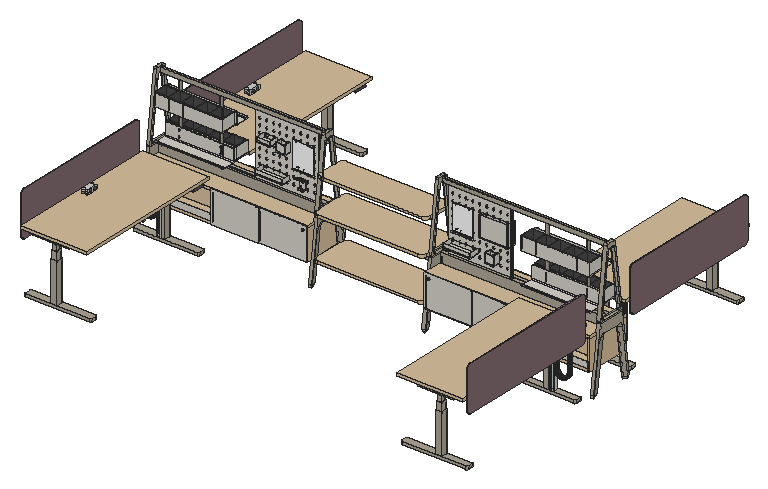
Revit family "Layout-Teknion-Expansion_Cityline_Upper_Structure_01-R2021", category Furniture Systems, Revit 2021 (continued)
Definition of nested family "Complement-Teknion-JNAPM_Metal_Screen_Accessories-R2021"
  Lines and regions (in)
    Masking region 4, visible <- "Notepad"
      outline origin (0, 0, 0) x (1, 0, 0) y (0, 1, 0)
        loop
          spline (2.73038, -0.88189) -> (2.76451, -0.8819) -> (2.79761, -0.8818) -> (2.82946, -0.88141) -> (2.85962, -0.88042) -> (2.88744, -0.87839) -> (2.91227, -0.87486) -> (2.93356, -0.86938) -> (2.951, -0.86156) -> (2.96437, -0.85113) -> (2.97357, -0.83801) -> (2.97893, -0.82234) -> (2.9805, -0.80409)
          line (2.9805, -0.80409) -> (2.9805, 0) -> (1.87519, 0) -> (1.87519, 0.14961) -> (1.12519, 0.14961) -> (1.12519, 0) -> (-1.12519, 0) -> (-1.12519, 0.14961) -> (-1.87519, 0.14961) -> (-1.87519, 0) -> (-2.9805, 0)
    Masking region 5, visible <- "Pen Holder"
      outline origin (0, 0, 0) x (1, 0, 0) y (0, 1, 0)
        loop
          line (-1.12519, 0.14961) -> (-1.87519, 0.14961) -> (-1.87519, -0.04724) -> (-1.85925, -0.07484) -> (-1.85925, -2.79134) -> (-1.98425, -2.79134) -> (-1.98425, -2.83858) -> (1.98425, -2.83858) -> (1.98425, -2.79134) -> (1.85925, -2.79134) -> (1.85925, -0.07484) -> (1.87519, -0.04724) -> (1.87519, 0.14961) -> (1.12519, 0.14961) -> (1.12519, 0) -> (-1.12519, 0) -> (-1.12519, 0.14961)
    symbolic lines, visible <- "Hook"
      curve 1: line (1.77829, -1.95276, 0) -> (-1.77829, -1.95276, 0)
      curve 2: spline (-1.81102, -1.90656, 0) -> (-1.8109, -1.91394, 0) -> (-1.81029, -1.92072, 0) -> (-1.8092, -1.92688, 0) -> (-1.80762, -1.93242, 0) -> (-1.80556, -1.93731, 0) -> (-1.80302, -1.94155, 0) -> (-1.80002, -1.94513, 0) -> (-1.79656, -1.94803, 0) -> (-1.79264, -1.95024, 0) -> (-1.78829, -1.95177, 0) -> (-1.7835, -1.95261, 0) -> (-1.77829, -1.95276, 0)
      curve 3: spline (1.77829, -1.95276, 0) -> (1.78366, -1.9525, 0) -> (1.78858, -1.95156, 0) -> (1.79305, -1.94996, 0) -> (1.79704, -1.94769, 0) -> (1.80054, -1.94476, 0) -> (1.80356, -1.94118, 0) -> (1.80608, -1.93695, 0) -> (1.80809, -1.93208, 0) -> (1.8096, -1.9266, 0) -> (1.81059, -1.92051, 0) -> (1.81107, -1.91382, 0) -> (1.81102, -1.90656, 0)
    symbolic lines, visible <- "Hook", detail levels medium+fine
      curve 4: line (-1.08538, -1.5, 0) -> (1.08538, -1.5, 0)
      curve 5: line (1.08538, -1.45276, 0) -> (-1.08538, -1.45276, 0)
      curve 6: spline (-1.08538, -1.5, 0) -> (-1.09072, -1.49976, 0) -> (-1.09561, -1.49894, 0) -> (-1.10004, -1.49753, 0) -> (-1.10401, -1.49553, 0) -> (-1.1075, -1.49296, 0) -> (-1.1105, -1.48981, 0) -> (-1.11302, -1.48609, 0) -> (-1.11504, -1.48181, 0) -> (-1.11657, -1.47698, 0) -> (-1.11759, -1.47161, 0) -> (-1.1181, -1.46571, 0) -> (-1.11811, -1.4593, 0)
      curve 7: spline (-1.11811, -1.40656, 0) -> (-1.11799, -1.41394, 0) -> (-1.11738, -1.42072, 0) -> (-1.11628, -1.42688, 0) -> (-1.1147, -1.43242, 0) -> (-1.11264, -1.43731, 0) -> (-1.11011, -1.44155, 0) -> (-1.10711, -1.44513, 0) -> (-1.10364, -1.44803, 0) -> (-1.09973, -1.45024, 0) -> (-1.09537, -1.45177, 0) -> (-1.09058, -1.45261, 0) -> (-1.08538, -1.45276, 0)
      curve 8: line (-1.11811, 0, 0) -> (-1.11811, -1.4593, 0)
      curve 9: spline (1.11811, -1.4593, 0) -> (1.11796, -1.46583, 0) -> (1.11732, -1.47182, 0) -> (1.11621, -1.47727, 0) -> (1.11462, -1.48215, 0) -> (1.11256, -1.48646, 0) -> (1.11002, -1.49019, 0) -> (1.10703, -1.49333, 0) -> (1.10358, -1.49587, 0) -> (1.09968, -1.49782, 0) -> (1.09534, -1.49915, 0) -> (1.09057, -1.49988, 0) -> (1.08538, -1.5, 0)
      curve 10: spline (1.08538, -1.45276, 0) -> (1.09075, -1.4525, 0) -> (1.09567, -1.45156, 0) -> (1.10013, -1.44996, 0) -> (1.10412, -1.44769, 0) -> (1.10763, -1.44476, 0) -> (1.11065, -1.44118, 0) -> (1.11317, -1.43695, 0) -> (1.11518, -1.43208, 0) -> (1.11669, -1.4266, 0) -> (1.11768, -1.42051, 0) -> (1.11815, -1.41382, 0) -> (1.11811, -1.40656, 0)
      curve 11: line (1.11811, 0, 0) -> (1.11811, -1.4593, 0)
      curve 12: line (-1.11811, -0.04724, 0) -> (1.11811, -0.04724, 0)
    symbolic lines, visible <- "Notepad"
      curve 13: line (-1.87519, 0.14961, 0) -> (-1.87519, -0.04724, 0)
      curve 14: line (-1.12519, -0.04724, 0) -> (-1.12519, 0.14961, 0)
      curve 15: line (1.12519, 0.14961, 0) -> (1.12519, -0.04724, 0)
      curve 16: line (1.87519, -0.04724, 0) -> (1.87519, 0.14961, 0)
      curve 17: line (2.73038, -0.83465, 0) -> (-2.73038, -0.83465, 0)
      curve 18: line (-2.9805, -0.74498, 0) -> (-2.73038, -0.83465, 0)
      curve 19: line (2.73038, -0.83465, 0) -> (2.9805, -0.74498, 0)
      curve 20: line (-2.9805, -0.04724, 0) -> (2.9805, -0.04724, 0)
    symbolic lines, visible <- "Notepad", detail levels medium+fine
      curve 21: line (2.9805, 0, 0) -> (-2.9805, 0, 0)
      curve 22: line (-1.67829, 0.11811, 0) -> (-1.3229, 0.11811, 0)
      curve 23: line (-1.67829, 0.11811, 0) -> (-1.67829, 0, 0)
      curve 24: line (1.3229, 0.11811, 0) -> (1.67829, 0.11811, 0)
      curve 25: line (-1.3229, 0.11811, 0) -> (-1.3229, 0, 0)
      curve 26: line (1.67829, 0.11811, 0) -> (1.67829, 0, 0)
      curve 27: line (1.3229, 0.11811, 0) -> (1.3229, 0, 0)
    symbolic lines, visible <- "Paper Organizer"
      curve 28: line (6.12598, -1.70472, 0) -> (-6.12598, -1.70472, 0)
      curve 29: line (-6.00098, 0, 0) -> (-6.00098, -1.70472, 0)
      curve 30: line (-5.95374, -1.70472, 0) -> (-5.95374, -0.04724, 0)
      curve 31: line (5.95374, -0.04724, 0) -> (5.95374, -1.70472, 0)
      curve 32: line (6.00098, -1.70472, 0) -> (6.00098, 0, 0)
      curve 33: line (-5.95374, -0.04724, 0) -> (5.95374, -0.04724, 0)
    symbolic lines, visible <- "Paper Organizer", detail levels medium+fine
      curve 34: line (6.00098, 0, 0) -> (-6.00098, 0, 0)
      curve 35: line (-1.67829, 0.11811, 0) -> (-1.3229, 0.11811, 0)
      curve 36: line (-1.67829, 0.11811, 0) -> (-1.67829, 0, 0)
      curve 37: line (-1.3229, 0.11811, 0) -> (-1.3229, 0, 0)
      curve 38: line (1.3229, 0.11811, 0) -> (1.3229, 0, 0)
      curve 39: line (1.67829, 0.11811, 0) -> (1.67829, 0, 0)
      curve 40: line (1.3229, 0.11811, 0) -> (1.67829, 0.11811, 0)
    symbolic lines, visible <- "Pen Holder"
      curve 41: line (-1.87519, 0.14961, 0) -> (-1.87519, -0.04724, 0)
      curve 42: line (-1.87519, -0.04724, 0) -> (-1.12519, -0.04724, 0)
      curve 43: line (-1.12519, -0.04724, 0) -> (-1.12519, 0.14961, 0)
      curve 44: line (1.12519, 0.14961, 0) -> (1.12519, -0.04724, 0)
      curve 45: line (1.12519, -0.04724, 0) -> (1.87519, -0.04724, 0)
      curve 46: line (1.87519, -0.04724, 0) -> (1.87519, 0.14961, 0)
      curve 47: line (1.81201, -0.04724, 0) -> (1.81201, -2.79134, 0)
      curve 48: line (1.85925, -2.79134, 0) -> (1.85925, -0.04724, 0)
      curve 49: line (-1.81201, -2.7732, 0) -> (1.81201, -2.7732, 0)
      curve 50: line (1.98425, -2.79134, 0) -> (-1.98425, -2.79134, 0)
      curve 51: line (-1.85925, -0.04724, 0) -> (-1.85925, -2.79134, 0)
      curve 52: line (-1.81201, -2.79134, 0) -> (-1.81201, -0.04724, 0)
      curve 60: line (-1.81201, -0.04724, 0) -> (1.81201, -0.04724, 0)
    symbolic lines, visible <- "Pen Holder", detail levels medium+fine
      curve 53: line (1.87519, 0, 0) -> (1.11811, 0, 0)
      curve 54: line (-1.67829, 0.11811, 0) -> (-1.3229, 0.11811, 0)
      curve 55: line (-1.67829, 0.11811, 0) -> (-1.67829, 0, 0)
      curve 56: line (-1.3229, 0.11811, 0) -> (-1.3229, 0, 0)
      curve 57: line (1.3229, 0.11811, 0) -> (1.3229, 0, 0)
      curve 58: line (1.67829, 0.11811, 0) -> (1.67829, 0, 0)
      curve 59: line (1.3229, 0.11811, 0) -> (1.67829, 0.11811, 0)
      curve 74: line (-1.12519, 0, 0) -> (-1.87519, 0, 0)
    symbolic lines, visible <- "Tray"
      curve 61: line (2.80826, -0.04724, 0) -> (-2.80826, -0.04724, 0)
      curve 62: line (-2.80826, -4.16297, 0) -> (-2.80826, -0.04724, 0)
      curve 63: line (-2.80826, -4.16297, 0) -> (2.80826, -4.16297, 0)
      curve 64: line (2.80826, -4.16297, 0) -> (2.80826, -0.04724, 0)
      curve 65: line (2.8555, -4.1811, 0) -> (2.8555, 0, 0)
      curve 66: line (-2.8555, 0, 0) -> (-2.8555, -4.1811, 0)
    symbolic lines, visible <- "Tray", detail levels medium+fine
      curve 67: line (2.9805, 0, 0) -> (-2.9805, 0, 0)
      curve 68: line (-1.67829, 0.11811, 0) -> (-1.67829, 0, 0)
      curve 69: line (-1.3229, 0.11811, 0) -> (-1.3229, 0, 0)
      curve 70: line (1.3229, 0, 0) -> (1.3229, 0.11811, 0)
      curve 71: line (1.67829, 0.11811, 0) -> (1.67829, 0, 0)
      curve 72: line (-1.67829, 0.11811, 0) -> (-1.3229, 0.11811, 0)
      curve 73: line (1.3229, 0.11811, 0) -> (1.67829, 0.11811, 0)
  Dimensions and locks (in)
    "Tray Size": plane 4 "Left" to plane 5 "Right"
    plane 6 "Back" to plane 7 "Front" = 4.37795"
    plane 8 "Top" to level = 49.0935"
    equal spacing: plane 6 "Back", plane 1 "Center Front/Back", plane 7 "Front"
    equal spacing: plane 4 "Left", plane 3 "Center Left/Right", plane 5 "Right"
    Sweep 1 sketch curve to Sweep 1 sketch curve to Sweep 1 sketch curve = 0.04724" locked, 4.1811" locked
    Sweep 1 sketch curve to Sweep 4 to Sweep 1 sketch curve = 0.04724" locked, 1.95472" locked
    locked: Sweep 2 sketch curve to plane 6 "Back" at 0.19685
    locked: Sweep 2 sketch curve to Sweep 2 sketch curve at 1.82972
    plane 4 "Left" to Sweep 5 sketch curve to Sweep 5 sketch curve = 1.10531" locked, 0.750" locked
    Sweep 5 sketch curve to Sweep 5 sketch curve to plane 5 "Right" = 0.750" locked, 1.10531" locked
    locked: Sweep 5 sketch curve to Sweep 5 sketch curve at 0.19685  (x2)
    plane 6 "Back" to Sweep 6 sketch curve to Sweep 6 sketch curve = 0.0315" locked, 0.11811" locked
    locked: Sweep 6 sketch curve to plane 5 "Right" at 1.65748
    locked: Sweep 6 sketch curve to plane 4 "Left" at 1.4799
    locked: plane 8 "Top" to Sweep 6 sketch curve at 0.35049  (x2)
    locked: Sweep 6 sketch curve to plane 5 "Right" at 1.4799
    locked: Sweep 2 sketch curve to Sweep 2 sketch curve at 0.04724
    locked: Sweep 2 sketch curve to Sweep 2 sketch curve at 4.1811
    plane 4 "Left" to Sweep 2 sketch curve to Sweep 2 sketch curve = 0.125" locked, 0.04724" locked
    Sweep 2 sketch curve to Sweep 2 sketch curve to plane 5 "Right" = 0.04724" locked, 0.125" locked
    locked: plane 4 "Left" to Sweep 4 sketch curve at 0.17224
    locked: Sweep 4 sketch curve to plane 5 "Right" at 0.17224
    plane 8 "Top" to Sweep 4 sketch curve to Sweep 4 sketch curve = 1.67913" locked, 0.27559" locked
    Sweep 4 sketch curve to Sweep 4 sketch curve to Sweep 4 sketch curve to plane 6 "Back" = 0.37557" locked, 3.74016" locked, 0.19685" locked
    aligned and locked: level to plane 2
    aligned and locked: Sweep 1 sketch curve to plane 1 "Center Front/Back"
    aligned and locked: plane 4 "Left" to Sweep 1 sketch curve
    aligned and locked: plane 5 "Right" to Sweep 1 sketch curve
    aligned and locked: Sweep 3 sketch curve to plane 1 "Center Front/Back"
    aligned and locked: Sweep 1 sketch curve to plane 7 "Front"
    aligned and locked: Sweep 1 to Sweep 2 sketch curve  (x2)
    aligned and locked: Sweep 2 sketch curve to Sweep 1
    aligned and locked: Sweep 5 sketch curve to plane 6 "Back"  (x2)
    aligned and locked: plane 4 "Left" to Sweep 3 sketch curve
    aligned and locked: plane 5 "Right" to Sweep 3 sketch curve
    aligned and locked: Sweep 3 sketch curve to Sweep 1  (x3)
    aligned and locked: plane 4 "Left" to Sweep 12 sketch curve
    aligned and locked: plane 5 "Right" to Sweep 12 sketch curve
    aligned and locked: Masking region 1 sketch curve to Sweep 5  (x4)
    aligned and locked: Sweep 5 to Masking region 1 sketch curve  (x2)
    aligned and locked: Masking region 1 sketch curve to Sweep 1  (x4)
    aligned and locked: Masking region 2 sketch curve to cut or joined group of Sweep 15, Sweep 18  (x4)
    aligned and locked: Masking region 2 sketch curve to Sweep 5  (x4)
    aligned and locked: Sweep 5 to Masking region 2 sketch curve  (x2)
    aligned and locked: Masking region 3 sketch curve to cut or joined group of Sweep 7, Sweep 8, Sweep 9, Sweep 10, Sweep 11  (x7)
    aligned and locked: Masking region 4 sketch curve to cut or joined group of Sweep 12, Sweep 13, Sweep 14  (x2)
    aligned and locked: Masking region 4 sketch curve to Sweep 1
    aligned and locked: Masking region 4 sketch curve to Sweep 5  (x4)
    aligned and locked: Sweep 5 to Masking region 4 sketch curve  (x2)
    aligned and locked: curve 1 to cut or joined group of Sweep 7, Sweep 8, Sweep 9, Sweep 10, Sweep 11
    aligned and locked: curve 4 to cut or joined group of Sweep 7, Sweep 8, Sweep 9, Sweep 10, Sweep 11
    aligned and locked: curve 5 to cut or joined group of Sweep 7, Sweep 8, Sweep 9, Sweep 10, Sweep 11
    aligned and locked: curve 8 to cut or joined group of Sweep 7, Sweep 8, Sweep 9, Sweep 10, Sweep 11
    aligned and locked: curve 11 to cut or joined group of Sweep 7, Sweep 8, Sweep 9, Sweep 10, Sweep 11
    aligned and locked: curve 12 to cut or joined group of Sweep 7, Sweep 8, Sweep 9, Sweep 10, Sweep 11
    aligned and locked: curve 13 to Sweep 5
    aligned and locked: curve 14 to Sweep 5
    aligned and locked: curve 15 to Sweep 5
    aligned and locked: curve 16 to Sweep 5
    aligned and locked: curve 20 to cut or joined group of Sweep 12, Sweep 13, Sweep 14
    aligned and locked: curve 21 to Sweep 1
    aligned and locked: curve 28 to cut or joined group of Sweep 15, Sweep 18
    aligned and locked: curve 29 to cut or joined group of Sweep 16, Sweep 17
    aligned and locked: curve 30 to cut or joined group of Sweep 16, Sweep 17
    aligned and locked: curve 31 to cut or joined group of Sweep 16, Sweep 17
    aligned and locked: curve 32 to cut or joined group of Sweep 16, Sweep 17
    aligned and locked: curve 33 to cut or joined group of Sweep 16, Sweep 17
    aligned and locked: curve 34 to cut or joined group of Sweep 16, Sweep 17
    aligned and locked: curve 35 to Sweep 6
    aligned and locked: curve 41 to Sweep 5
    aligned and locked: curve 42 to Sweep 5
    aligned and locked: curve 43 to Sweep 5
    aligned and locked: curve 44 to Sweep 5
    aligned and locked: curve 45 to Sweep 5
    aligned and locked: curve 46 to Sweep 5
    aligned and locked: curve 47 to cut or joined group of Sweep 20, Sweep 21
    aligned and locked: curve 48 to cut or joined group of Sweep 20, Sweep 21
    aligned and locked: Sweep 23 to curve 49
    aligned and locked: curve 50 to cut or joined group of Sweep 19, Sweep 22
    aligned and locked: cut or joined group of Sweep 20, Sweep 21 to curve 51
    aligned and locked: curve 52 to cut or joined group of Sweep 20, Sweep 21
    aligned and locked: cut or joined group of Sweep 19, Sweep 22 to curve 53
    aligned and locked: curve 60 to cut or joined group of Sweep 20, Sweep 21
    aligned and locked: curve 61 to Sweep 4
    aligned and locked: curve 62 to Sweep 4
    aligned and locked: curve 63 to Sweep 4
    aligned and locked: curve 64 to Sweep 4
    aligned and locked: curve 65 to cut or joined group of Sweep 2, Sweep 3
    aligned and locked: curve 66 to cut or joined group of Sweep 2, Sweep 3
    aligned and locked: curve 67 to Sweep 1
    aligned and locked: nested 1 to plane 6 "Back"
    aligned and locked: plane 3 "Center Left/Right" to nested 1
    aligned and locked: Masking region 5 sketch curve to Sweep 5  (x5)
    aligned and locked: Sweep 5 to Masking region 5 sketch curve
    aligned and locked: Masking region 5 sketch curve to cut or joined group of Sweep 19, Sweep 22
    aligned and locked: Masking region 5 sketch curve to curve 50  (x3)
    aligned and locked: Masking region 5 sketch curve to curve 48
    aligned and locked: curve 51 to Masking region 5 sketch curve
    aligned and locked: Sweep 1 to Masking region 5 sketch curve
  Automatic sketch dimensions
    Sweep 1 sketch curve to Sweep 1 sketch curve = 0.000"  (x2)
    Sweep 1 sketch curve to Sweep 1 sketch curve = 0.3937"
    Sweep 6 sketch curve to Sweep 6 sketch curve = 0.1777"  (x2)
    Sweep 3 sketch curve to Sweep 3 sketch curve = 0.3937"  (x2)
    Sweep 4 sketch curve to plane 6 "Back" = 0.19685"
    Sweep 7 sketch curve to Sweep 7 sketch curve = 0.000"  (x2)
    profile plane to Sweep 7 sketch curve = 1.05906"
    Sweep 7 sketch curve to Sweep 7 sketch curve = 0.04724"  (x2)
    profile plane to Sweep 7 sketch curve = 0.000"
    Sweep 7 sketch curve to profile plane = 0.3937"
    level to Sweep 7 sketch curve = 44.9685"
    Sweep 7 sketch curve to Sweep 7 sketch curve = 0.35433"
    Sweep 7 sketch curve to Sweep 7 sketch curve = 3.25197"
    Sweep 8 sketch curve to profile plane = 0.000"  (x4)
    Sweep 8 sketch curve to Sweep 8 sketch curve = 0.53937"  (x4)
    Sweep 8 sketch curve to plane 3 "Center Left/Right" = 1.11811"
    plane 3 "Center Left/Right" to Sweep 8 sketch curve = 0.57874"
    Sweep 8 sketch curve to Sweep 8 sketch curve = 0.000"  (x4)
    Sweep 8 sketch curve to plane 1 "Center Front/Back" = 0.30782"
    Sweep 8 sketch curve to plane 8 "Top" = 3.32972"
    Sweep 8 sketch curve to Sweep 8 sketch curve = 0.500"
    Sweep 9 sketch curve to Sweep 9 sketch curve = 0.000"
    Sweep 9 sketch curve to profile plane = 0.000"  (x2)
    profile plane to Sweep 9 sketch curve = 1.70866"
    Sweep 9 sketch curve to profile plane = 0.3937"
    Sweep 9 sketch curve to Sweep 9 sketch curve = 0.04724"
    level to Sweep 9 sketch curve = 48.9685"
    Sweep 9 sketch curve to Sweep 9 sketch curve = 0.35433"
    Sweep 10 sketch curve to plane 1 "Center Front/Back" = 0.000"
    Sweep 10 sketch curve to plane 8 "Top" = 0.000"
    Sweep 10 sketch curve to plane 1 "Center Front/Back" = 0.40552"
    Sweep 10 sketch curve to profile plane = 0.13091"  (x2)
    Sweep 10 sketch curve to Sweep 10 sketch curve = 0.53937"  (x4)
    Sweep 10 sketch curve to plane 3 "Center Left/Right" = 1.81102"
    plane 3 "Center Left/Right" to Sweep 10 sketch curve = 1.27165"
    Sweep 10 sketch curve to Sweep 10 sketch curve = 0.000"  (x6)
    Sweep 11 sketch curve to plane 6 "Back" = 0.000"
    Sweep 11 sketch curve to plane 8 "Top" = 0.000"
    Sweep 11 sketch curve to plane 8 "Top" = 0.17663"
    profile plane to Sweep 11 sketch curve = 0.000"
    profile plane to Sweep 11 sketch curve = 0.14961"
    Sweep 11 sketch curve to plane 3 "Center Left/Right" = 1.125"
    plane 3 "Center Left/Right" to Sweep 11 sketch curve = 1.125"
    Sweep 12 sketch curve to plane 6 "Back" = 0.14961"
    Sweep 12 sketch curve to Sweep 12 sketch curve = 0.000"  (x2)
    Sweep 12 sketch curve to profile plane = 0.000"
    Sweep 12 sketch curve to profile plane = 0.04724"
    Sweep 12 sketch curve to Sweep 12 sketch curve = 0.3937"
    level to Sweep 12 sketch curve = 38.00787"
    Sweep 12 sketch curve to Sweep 12 sketch curve = 10.96063"
    Sweep 13 sketch curve to plane 4 "Left" = 0.000"
    Sweep 13 sketch curve to plane 6 "Back" = 0.000"
    Sweep 13 sketch curve to Sweep 13 sketch curve = 0.38617"
    profile plane to Sweep 13 sketch curve = 0.000"  (x2)
    Sweep 13 sketch curve to Sweep 13 sketch curve = 0.25012"  (x4)
    Sweep 13 sketch curve to Sweep 13 sketch curve = 8.45276"
    level to Sweep 13 sketch curve = 48.71838"
    Sweep 13 sketch curve to Sweep 13 sketch curve = 0.000"  (x6)
    Sweep 14 sketch curve to plane 4 "Left" = 0.000"
    Sweep 14 sketch curve to plane 1 "Center Front/Back" = 0.99213"
    Sweep 14 sketch curve to Sweep 14 sketch curve = 0.500"
    Sweep 14 sketch curve to profile plane = 0.000"
    profile plane to Sweep 14 sketch curve = 0.25012"
    Sweep 14 sketch curve to Sweep 14 sketch curve = 8.45276"
    Sweep 14 sketch curve to Sweep 14 sketch curve = 0.25012"
    level to Sweep 14 sketch curve = 37.75775"
    Sweep 14 sketch curve to Sweep 14 sketch curve = 0.000"
    Sweep 15 sketch curve to Sweep 15 sketch curve = 0.000"  (x2)
    profile plane to Sweep 15 sketch curve = 0.3937"
    Sweep 15 sketch curve to Sweep 15 sketch curve = 1.31102"
    Sweep 15 sketch curve to profile plane = 0.04724"
    level to Sweep 15 sketch curve = 39.79035"
    profile plane to Sweep 15 sketch curve = 0.000"
    Sweep 15 sketch curve to Sweep 15 sketch curve = 8.8622"
    Sweep 16 sketch curve to plane 1 "Center Front/Back" = 2.03937"
    profile plane to Sweep 16 sketch curve = 6.00098"
    Sweep 16 sketch curve to Sweep 16 sketch curve = 0.04724"  (x3)
    Sweep 16 sketch curve to profile plane = 5.95374"
    Sweep 16 sketch curve to plane 1 "Center Front/Back" = 0.33465"  (x2)
    Sweep 16 sketch curve to plane 3 "Center Left/Right" = 0.000"
    Sweep 16 sketch curve to plane 8 "Top" = 9.25591"
    Sweep 16 sketch curve to plane 8 "Top" = 0.125"
    Sweep 17 sketch curve to profile plane = 1.31102"
    Sweep 17 sketch curve to Sweep 17 sketch curve = 0.3937"
    level to Sweep 17 sketch curve = 39.8376"
    Sweep 18 sketch curve to plane 1 "Center Front/Back" = 0.000"
    Sweep 18 sketch curve to plane 8 "Top" = 0.000"
    Sweep 18 sketch curve to plane 1 "Center Front/Back" = 0.53979"
    Sweep 18 sketch curve to profile plane = 0.000"  (x2)
    Sweep 18 sketch curve to Sweep 18 sketch curve = 0.250"  (x2)
    Sweep 18 sketch curve to plane 3 "Center Left/Right" = 6.12598"
    plane 3 "Center Left/Right" to Sweep 18 sketch curve = 5.87598"
    Sweep 19 sketch curve to Sweep 19 sketch curve = 0.000"  (x2)
    Sweep 19 sketch curve to profile plane = 0.000"
    profile plane to Sweep 19 sketch curve = 0.3937"
    Sweep 19 sketch curve to Sweep 19 sketch curve = 2.39764"
    level to Sweep 19 sketch curve = 45.0935"
    Sweep 19 sketch curve to Sweep 19 sketch curve = 0.04724"
    Sweep 19 sketch curve to Sweep 19 sketch curve = 3.55906"
    Sweep 20 sketch curve to plane 6 "Back" = 0.19685"
    Sweep 20 sketch curve to plane 8 "Top" = 3.95276"
    Sweep 20 sketch curve to plane 8 "Top" = 0.125"
    Sweep 20 sketch curve to profile plane = 0.04724"
    Sweep 20 sketch curve to plane 3 "Center Left/Right" = 1.85925"
    plane 3 "Center Left/Right" to Sweep 20 sketch curve = 1.85925"
    profile plane to Sweep 20 sketch curve = 2.74409"  (x2)
    profile plane to Sweep 20 sketch curve = 0.000"
    Sweep 20 sketch curve to Sweep 20 sketch curve = 0.04724"  (x2)
    Sweep 21 sketch curve to profile plane = 0.000"
    level to Sweep 21 sketch curve = 45.14075"
    Sweep 21 sketch curve to Sweep 21 sketch curve = 0.3937"
    plane 4 "Left" to Sweep 22 sketch curve = 0.99625"
    Sweep 22 sketch curve to plane 7 "Front" = 1.08071"
    plane 1 "Center Front/Back" to Sweep 22 sketch curve = 0.35827"
    profile plane to Sweep 22 sketch curve = 0.000"
    Sweep 22 sketch curve to Sweep 22 sketch curve = 0.250"  (x2)
    Sweep 22 sketch curve to Sweep 22 sketch curve = 3.4685"
    level to Sweep 22 sketch curve = 48.8435"
    Sweep 22 sketch curve to Sweep 22 sketch curve = 0.000"
    plane 4 "Left" to Sweep 23 sketch curve = 1.16849"
    plane 1 "Center Front/Back" to Sweep 23 sketch curve = 0.75197"
    plane 5 "Right" to Sweep 23 sketch curve = 1.16849"
    Sweep 23 sketch curve to profile plane = 0.01813"
    level to Sweep 23 sketch curve = 45.14075"
    Sweep 23 sketch curve to Sweep 23 sketch curve = 2.35039"
    Sweep 23 sketch curve to Sweep 23 sketch curve = 0.27559"
    Sweep 23 sketch curve to Sweep 23 sketch curve = 0.3937"
    Masking region 1 sketch curve to plane 6 "Back" = 0.14961"  (x2)
    Masking region 2 sketch curve to plane 6 "Back" = 0.14961"  (x2)
    Masking region 3 sketch curve to Masking region 3 sketch curve = 0.03273"  (x2)
    Masking region 3 sketch curve to Masking region 3 sketch curve = 0.03351"  (x2)
    Masking region 3 sketch curve to plane 6 "Back" = 0.000"
    Masking region 4 sketch curve to plane 6 "Back" = 0.95369"
    Masking region 4 sketch curve to plane 6 "Back" = 0.14961"  (x2)
    Masking region 4 sketch curve to Masking region 4 sketch curve = 0.80409"
    plane 4 "Left" to Masking region 4 sketch curve = 0.25012"
    plane 5 "Right" to Masking region 4 sketch curve = 0.25012"
    Masking region 4 sketch curve to Masking region 4 sketch curve = 0.0778"
    Masking region 5 sketch curve to plane 6 "Back" = 0.19685"  (x2)
    Masking region 5 sketch curve to Masking region 5 sketch curve = 0.0276"  (x2)
    Masking region 5 sketch curve to Masking region 5 sketch curve = 0.04724"
    curve 67 to plane 4 "Left" = 0.000"
    curve 20 to plane 4 "Left" = 0.000"
    curve 18 to plane 4 "Left" = 0.000"
    curve 21 to plane 4 "Left" = 0.000"
    curve 19 to plane 5 "Right" = 0.000"
    curve 67 to plane 5 "Right" = 0.000"
    curve 21 to plane 5 "Right" = 0.000"
    curve 20 to plane 5 "Right" = 0.000"
    curve 16 to plane 6 "Back" = 0.000"
    curve 14 to plane 6 "Back" = 0.000"
    curve 41 to plane 6 "Back" = 0.000"
    curve 43 to plane 6 "Back" = 0.000"
    curve 44 to plane 6 "Back" = 0.000"
    curve 46 to plane 6 "Back" = 0.000"
    curve 13 to plane 6 "Back" = 0.000"
    curve 15 to plane 6 "Back" = 0.000"
    plane 4 "Left" to curve 17 = 0.25012"
    curve 49 to curve 1 = 0.03372"
    curve 41 to curve 36 = 0.19689"
    curve 56 to curve 43 = 0.19772"
    curve 8 to curve 4 = 0.03273"
    curve 8 to curve 5 = 0.03273"
    curve 4 to curve 11 = 0.03273"
    curve 5 to curve 9 = 0.03273"
    curve 73 to plane 6 "Back" = 0.0315"
    curve 15 to curve 73 = 0.19772"
    curve 24 to curve 16 = 0.19689"
    curve 1 to curve 49 = 0.03372"
    plane 5 "Right" to curve 17 = 0.25012"
    curve 11 to curve 10 = 0.00654"
    curve 8 to curve 7 = 0.00654"
    curve 17 to curve 61 = 0.7874"
    curve 28 to curve 29 = 0.125"
    curve 33 to curve 30 = 0.000"
    curve 50 to curve 51 = 0.125"
    curve 60 to curve 52 = 0.000"
    curve 2 to curve 1 = 0.03273"
    curve 2 to curve 1 = 0.01781"
    curve 2 to curve 2 = 0.19544"
    curve 6 to curve 6 = 0.02165"
    curve 7 to curve 7 = 0.01781"
    curve 7 to curve 7 = 0.19544"
    curve 7 to curve 6 = 0.04097"
    curve 9 to curve 10 = 0.22434"
    curve 9 to curve 10 = 0.01732"
    curve 10 to curve 9 = 0.01345"
    curve 4 to curve 9 = 0.02024"
    curve 3 to curve 1 = 0.17429"
    curve 1 to curve 3 = 0.01928"
    curve 3 to curve 3 = 0.01345"
    curve 60 to curve 47 = 0.000"
    curve 48 to curve 50 = 0.125"
    curve 33 to curve 31 = 0.000"
    curve 32 to curve 28 = 0.125"
    curve 65 to plane 7 "Front" = 0.04724"
    curve 66 to plane 7 "Front" = 0.04724"
    curve 1 to curve 2 = 0.00442"
    curve 1 to curve 3 = 0.00545"
    curve 7 to curve 7 = 0.00442"
    curve 9 to curve 10 = 0.01199"
    curve 17 to curve 18 = 0.08966"
    curve 17 to curve 19 = 0.08966"
    curve 42 to curve 74 = 0.04724"
  Nested families (in)
    nested 1: "Teknion_2D_Node_Family-R2020" at (0, 0.14961, 0), type "Teknion_2D_Node_Family-R2020"
  Definition of nested family "Teknion_2D_Node_Family-R2020"
    Reference planes (in)
      plane 1 "Center (Front/Back)": y = 0
      plane 2: z = 0
      plane 3 "Center (Left/Right)": x = 0
    Lines and regions (in)
      detail lines, in view "Ref. Level"
        curve 1: circle (0, 0, 0) r 1.25 normal (0, 0, 1)
        curve 2: line (1.91508, -1.91508, 0) -> (-1.91508, 1.91508, 0)
        curve 3: line (-1.91508, -1.91508, 0) -> (1.91508, 1.91508, 0)
